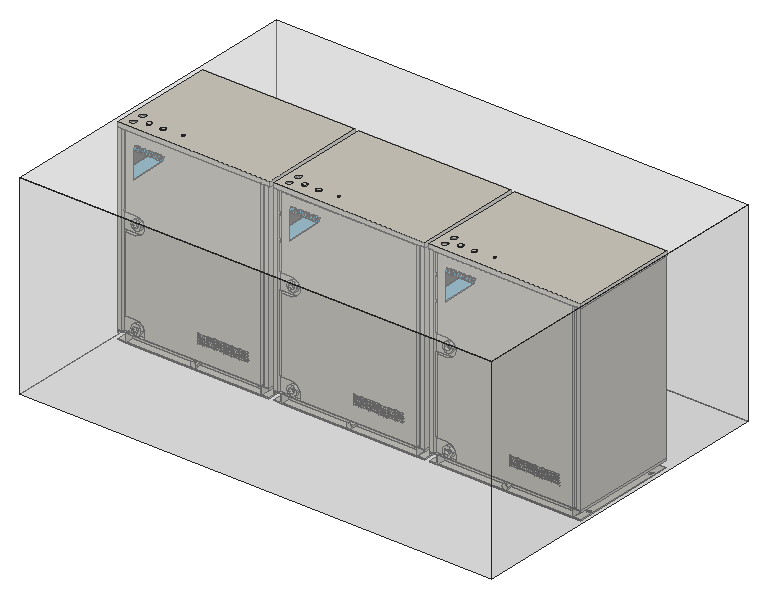
Revit family "outputfile", category 機械設備, Revit 2024
Family settings
  丸型コネクタ寸法 = 半径を使用
  種別 = なし
  パーツ タイプ = 標準
  OmniClass 番号 = 23.75.10.24.21.27.27
  OmniClass タイトル = Split System Air Conditioning Units
  作業面ベース = いいえ
  常に垂直 = はい
  ロード時にボイドで切り取り = いいえ
  注釈の向きを維持 = いいえ
  共有 = いいえ
  部屋計算ポイント = いいえ
Parameters (values of type "RWEYQ30TY14")
  製造元 = "Daikin"
  書き出し IFC クラス(タイプ) = "IfcUnitaryEquipmentType"
  定義済み IFC タイプ(タイプ) = "AIRCONDITIONINGUNIT"
  モデル = "RWEYQ30TY14"
  w_unit3 = 780.0 mm
  w_unit2 = 780.0 mm
  w_unit1 = 780.0 mm
  switch_unit3_6-8 [instance] = if(Reverse_ModuleSequence, if(default_unit1 = 1, 1 = 1, 1 = 0), if(default_unit3 = 1, 1 = 1, 1 = 0))  # no
  switch_unit3_12 [instance] = if(Reverse_ModuleSequence, if(default_unit1 = 3, 1 = 1, 1 = 0), if(default_unit3 = 3, 1 = 1, 1 = 0))  # no
  switch_unit3_10 [instance] = if(Reverse_ModuleSequence, if(default_unit1 = 2, 1 = 1, 1 = 0), if(default_unit3 = 2, 1 = 1, 1 = 0))  # yes
  switch_unit2_6-8 [instance] = if(default_unit2 = 1, 1 = 1, 1 = 0)  # no
  switch_unit2_12 [instance] = if(default_unit2 = 3, 1 = 1, 1 = 0)  # no
  switch_unit2_10 [instance] = if(default_unit2 = 2, 1 = 1, 1 = 0)  # yes
  switch_unit1_6-8 [instance] = if(Reverse_ModuleSequence, if(default_unit3 = 1, 1 = 1, 1 = 0), if(default_unit1 = 1, 1 = 1, 1 = 0))  # no
  switch_unit1_12 [instance] = if(Reverse_ModuleSequence, if(default_unit3 = 3, 1 = 1, 1 = 0), if(default_unit1 = 3, 1 = 1, 1 = 0))  # no
  switch_unit1_10 [instance] = if(Reverse_ModuleSequence, if(default_unit3 = 2, 1 = 1, 1 = 0), if(default_unit1 = 2, 1 = 1, 1 = 0))  # yes
  r_Water Outlet Pipe Connection_unit3 [instance] = Water Outlet Pipe Connection_Unit3 / 2  # 15.9 mm
  r_Water Outlet Pipe Connection_unit2 [instance] = Water Outlet Pipe Connection_Unit2 / 2  # 15.9 mm
  r_Water Outlet Pipe Connection_unit1 [instance] = Water Outlet Pipe Connection_Unit1 / 2  # 15.9 mm
  r_Water Inlet Pipe Connection_unit3 [instance] = Water Inlet Pipe Connection_Unit3 / 2  # 15.9 mm
  r_Water Inlet Pipe Connection_unit2 [instance] = Water Inlet Pipe Connection_Unit2 / 2  # 15.9 mm
  r_Water Inlet Pipe Connection_unit1 [instance] = Water Inlet Pipe Connection_Unit1 / 2  # 15.9 mm
  r_Drain Pipe Size = Drain Pipe Size / 2  # 6.35 mm
  lw_Water Outlet3 = 95.0 mm
  lw_Water Outlet2 = 95.0 mm
  lw_Water Outlet1 = 95.0 mm
  lw_Water Inlet3 = 95.0 mm
  lw_Water Inlet2 = 95.0 mm
  lw_Water Inlet1 = 95.0 mm
  lw_Drain3 = 390.0 mm
  lw_Drain2 = 390.0 mm
  lw_Drain1 = 390.0 mm
  default_Water Outlet Pipe Connection_Unit 3 = 31.8 mm
  default_Water Outlet Pipe Connection_Unit 2 = 31.8 mm
  default_Water Outlet Pipe Connection_Unit 1 = 31.8 mm
  default_Water Inlet Pipe Connection_Unit 3 = 31.8 mm
  default_Water Inlet Pipe Connection_Unit 2 = 31.8 mm
  default_Water Inlet Pipe Connection_Unit 1 = 31.8 mm
  angle_Drain [instance] = if(Rear Connection_Drain, 180.00°, 0.00°)  # 0.00°
  r_Liquid Pipe Size_unit3 [instance] = Liquid Pipe Size_Unit 3 / 2  # 4.75 mm
  r_Liquid Pipe Size_unit2 [instance] = Liquid Pipe Size_Unit 2 / 2  # 4.75 mm
  r_HP/LP Gas Pipe Size_unit3 [instance] = [HP/LP Gas Pipe Size_Unit 3] / 2  # 11.1 mm
  r_HP/LP Gas Pipe Size_unit2 [instance] = [HP/LP Gas Pipe Size_Unit 2] / 2  # 11.1 mm
  r_HP/LP Gas Pipe Size_unit1 [instance] = [HP/LP Gas Pipe Size_Unit 1] / 2  # 11.1 mm
  r_Gas Pipe Size_unit3 [instance] = Gas Pipe Size_Unit 3 / 2  # 11.1 mm
  r_Gas Pipe Size_unit2 [instance] = Gas Pipe Size_Unit 2 / 2  # 11.1 mm
  lw_powersupply3 = 51.0 mm
  lw_powersupply2 = 51.0 mm
  lw_liquidpipe3 = 274.0 mm
  lw_liquidpipe2 = 274.0 mm
  lw_gaspipe3 [instance] = if(Heat Pump, 107.0 mm, 178.0 mm)  # 107.0 mm
  lw_gaspipe2 [instance] = if(Heat Pump, 107.0 mm, 178.0 mm)  # 107.0 mm
  lw_HP/LP Gas Pipe3 [instance] = if(Heat Pump, 178.0 mm, 107.0 mm)  # 178.0 mm
  lw_HP/LP Gas Pipe2 [instance] = if(Heat Pump, 178.0 mm, 107.0 mm)  # 178.0 mm
  lw_HP/LP Gas Pipe1 [instance] = if(Heat Pump, 178.0 mm, 107.0 mm)  # 178.0 mm
  ld_HP/LP Gas Pipe = 69.0 mm
  h_mountinghole = [h_***] + 2.3 mm  # 2.3 mm
  r_Liquid Pipe Size_unit1 [instance] = Liquid Pipe Size_Unit 1 / 2  # 4.75 mm
  r_Gas Pipe Size_unit1 [instance] = Gas Pipe Size_Unit 1 / 2  # 11.1 mm
  distance_unit2-3 [instance] = 20.0 mm
  distance_unit1-2 [instance] = 20.0 mm
  default_unit3 = 2
  default_unit2 = 2
  default_unit1 = 2
  default_Model_Unit 3 = "RWEYQ10TY14"
  default_Model_Unit 2 = "RWEYQ10TY14"
  default_Model_Unit 1 = "RWEYQ10TY14"
  default_Liquid Pipe Size_Unit 3 = 9.5 mm
  default_Liquid Pipe Size_Unit 2 = 9.5 mm
  default_Liquid Pipe Size_Unit 1 = 9.5 mm
  default_HP/LP Gas Pipe Size_Unit 3 [instance] = if(and(Heat Pump, [switch_unit3_6-8]), 19.1 mm, if(and(Heat Pump, switch_unit3_10), 22.2 mm, if(and(Heat Pump, switch_unit3_12), 22.2 mm, if(and(Heat Recovery, [switch_unit3_6-8]), 15.9 mm, if(and(Heat Recovery, switch_unit3_10), 19.1 mm, if(and(Heat Recovery, switch_unit3_12), 19.1 mm, 19.1 mm))))))  # 22.2 mm
  default_HP/LP Gas Pipe Size_Unit 2 [instance] = if(and(Heat Pump, [switch_unit2_6-8]), 19.1 mm, if(and(Heat Pump, switch_unit2_10), 22.2 mm, if(and(Heat Pump, switch_unit2_12), 22.2 mm, if(and(Heat Recovery, [switch_unit2_6-8]), 15.9 mm, if(and(Heat Recovery, switch_unit2_10), 19.1 mm, if(and(Heat Recovery, switch_unit2_12), 19.1 mm, 19.1 mm))))))  # 22.2 mm
  default_HP/LP Gas Pipe Size_Unit 1 [instance] = if(and(Heat Pump, [switch_unit1_6-8]), 19.1 mm, if(and(Heat Pump, switch_unit1_10), 22.2 mm, if(and(Heat Pump, switch_unit1_12), 22.2 mm, if(and(Heat Recovery, [switch_unit1_6-8]), 15.9 mm, if(and(Heat Recovery, switch_unit1_10), 19.1 mm, if(and(Heat Recovery, switch_unit1_12), 19.1 mm, 19.1 mm))))))  # 22.2 mm
  default_Gas Pipe Size_Unit 3 = 22.2 mm
  default_Gas Pipe Size_Unit 2 = 22.2 mm
  default_Gas Pipe Size_Unit 1 = 22.2 mm
  Water Outlet Pipe Connection_Unit3 [instance] = if(Reverse_ModuleSequence, default_Water Outlet Pipe Connection_Unit 1, default_Water Outlet Pipe Connection_Unit 3)  # 31.8 mm
  Water Outlet Pipe Connection_Unit2 [instance] = if(Reverse_ModuleSequence, default_Water Inlet Pipe Connection_Unit 2, default_Water Inlet Pipe Connection_Unit 2)  # 31.8 mm
  Water Outlet Pipe Connection_Unit1 [instance] = if(Reverse_ModuleSequence, default_Water Outlet Pipe Connection_Unit 3, default_Water Outlet Pipe Connection_Unit 1)  # 31.8 mm
  Water Inlet Pipe Connection_Unit3 [instance] = if(Reverse_ModuleSequence, default_Water Inlet Pipe Connection_Unit 1, default_Water Inlet Pipe Connection_Unit 3)  # 31.8 mm
  Water Inlet Pipe Connection_Unit2 [instance] = if(Reverse_ModuleSequence, default_Water Outlet Pipe Connection_Unit 2, default_Water Outlet Pipe Connection_Unit 2)  # 31.8 mm
  Water Inlet Pipe Connection_Unit1 [instance] = if(Reverse_ModuleSequence, default_Water Inlet Pipe Connection_Unit 3, default_Water Inlet Pipe Connection_Unit 1)  # 31.8 mm
  Voltage_comment_50Hz = "380-415"
  Voltage_50Hz = 400 V
  Top Connection_powersupply2 [instance] = not(Top Connection_powersupply1)  # no
  Sound Power Level (dB) = 76
  Reverse_ModuleSequence [instance] = no
  Rear Connection_Drain [instance] = not(Front Connection_Drain)  # no
  Power Input (Heating) = 16.800 kW
  Phase_50Hz = 3
  Nominal Heating Capacity = 94.500 kW
  Model_Unit 3 [instance] = if(Reverse_ModuleSequence, default_Model_Unit 1, default_Model_Unit 3)  # "RWEYQ10TY14"
  Model_Unit 2 [instance] = if(Reverse_ModuleSequence, default_Model_Unit 2, default_Model_Unit 2)  # "RWEYQ10TY14"
  Model_Unit 1 [instance] = if(Reverse_ModuleSequence, default_Model_Unit 3, default_Model_Unit 1)  # "RWEYQ10TY14"
  Minimum Circuit Amps_50Hz = 40.9 A
  Maximum Fuse Amps_50Hz = 45.0 A
  Material_Heat Exchanger = DAIKIN_Blue_HE_outdoorunit
  Material_Casing = DAIKIN_IvoryWhite_Casing_outdoorunit
  lw_powersupply1 = 51.0 mm
  lw_liquidpipe1 = 274.0 mm
  lw_gaspipe1 [instance] = if(Heat Pump, 107.0 mm, 178.0 mm)  # 107.0 mm
  lh_powersupply = 940.0 mm
  ld_powersupply [instance] = if(Top Connection_powersupply1, 38.0 mm, 98.0 mm)  # 38.0 mm
  ld_liquidpipe = 79.0 mm
  ld_gaspipe = 69.0 mm
  h_*** = 0.0 mm
  Width [instance] = [distance_unit1-2] + [distance_unit2-3] + w_unit1 + w_unit2 + w_unit3  # 2380.0 mm
  Version = "ver.1.0"
  Unit Type = ""
  Unit Mass Weight = 441.00 kg
  Unit Designation [instance] = ""
  Uniclass2015Version = "Products v1.30"
  Uniclass2015Title = "Variable refrigerant flow units"
  Uniclass2015Code = "Pr_70_65_03_94"
  Total Cooling Capacity [instance] = 0.000 kW
  Sound Pressure Level (dBA) = 56
  Series = "VRV Heat Recovery"
  Refrigerant_Base Charge = 12.600 kg
  Refrigerant_Additional Charge [instance] = 0.000 kg
  Refrigerant Type = "R410A"
  Power Input (Cooling) = 16.300 kW
  Option Accessory 3 [instance] = ""
  Option Accessory 2 [instance] = ""
  Option Accessory 1 [instance] = ""
  Nominal Cooling Capacity = 84.000 kW
  Load Classification = HVAC
  Liquid Pipe Size_Unit 3 [instance] = if(Reverse_ModuleSequence, default_Liquid Pipe Size_Unit 1, default_Liquid Pipe Size_Unit 3)  # 9.5 mm
  Liquid Pipe Size_Unit 2 [instance] = if(Reverse_ModuleSequence, default_Liquid Pipe Size_Unit 2, default_Liquid Pipe Size_Unit 2)  # 9.5 mm
  Liquid Pipe Size_Unit 1 [instance] = if(Reverse_ModuleSequence, default_Liquid Pipe Size_Unit 3, default_Liquid Pipe Size_Unit 1)  # 9.5 mm
  Link_Nested Family [instance] = ""
  Intermediate Liquid Pipe Size_Unit1-2 = 15.9 mm
  Intermediate HP/LP Gas Pipe Size_Unit1-2 = 22.2 mm
  Intermediate Gas Pipe Size_Unit1-2 = 28.6 mm
  IfcVersion = ""
  IfcExportType = "AIRCONDITIONINGUNIT"
  IfcExportAs = "IfcUnitaryEquipmentType"
  Height = 1000.0 mm
  Heat Recovery [instance] = not(Heat Pump)  # no
  Heat Pump [instance] = yes
  Heat Exchanger Type = "Stainless Steel Plate"
  HP/LP Gas Pipe Size_Unit 3 [instance] = [default_HP/LP Gas Pipe Size_Unit 3]  # 22.2 mm
  HP/LP Gas Pipe Size_Unit 2 [instance] = [default_HP/LP Gas Pipe Size_Unit 2]  # 22.2 mm
  HP/LP Gas Pipe Size_Unit 1 [instance] = [default_HP/LP Gas Pipe Size_Unit 1]  # 22.2 mm
  Gas Pipe Size_Unit 3 [instance] = if(Reverse_ModuleSequence, default_Gas Pipe Size_Unit 1, default_Gas Pipe Size_Unit 3)  # 22.2 mm
  Gas Pipe Size_Unit 2 [instance] = if(Reverse_ModuleSequence, default_Gas Pipe Size_Unit 2, default_Gas Pipe Size_Unit 2)  # 22.2 mm
  Gas Pipe Size_Unit 1 [instance] = if(Reverse_ModuleSequence, default_Gas Pipe Size_Unit 3, default_Gas Pipe Size_Unit 1)  # 22.2 mm
  Top Connection_powersupply1 [instance] = yes
  Front Connection_Drain [instance] = yes
  Frequency_50Hz = 50 Hz
  Drain Pipe Size = 12.7 mm
  Depth = 550.0 mm
  既定の高さ = 0.0 mm
  Cooling Ambient Wet Bulb Temperature [instance] = 0.00 °C
  Cooling Ambient Dry Bulb Temperature [instance] = 0.00 °C
  Compressor Type = "Hermetically Sealed Scroll Type"
  Clearance visibility [instance] = yes
  Clearance Top = 0.0 mm
  Clearance Right = 20.0 mm
  Clearance Rear = 500.0 mm
  Clearance Left = 20.0 mm
  Clearance Front = 600.0 mm
  Clearance Bottom = 0.0 mm
  CU Tag No. [instance] = ""
Reference planes
  plane 1 "Center (Front/Back)": y = 0
  plane 2 "h_***": z = 0
  plane 3 "Center (Left/Right)": x = 0
  plane 4 "Back": y = 275
  plane 5 "Front": y = -275
  plane 6 "Left": x = -390
  plane 7 "w_unit1": x = 390
  plane 8 "Top": z = 1000
  plane 9 "Clearance Rear": y = 775
  plane 10 "Clearance Front": y = -875
  plane 11 "Clearance Left": x = -410
  plane 12 "Clearance Right": x = 2010
  plane 13 "Clearance Top": z = 1000
  plane 14 "Clearance Bottom": z = 0
  plane 15 "Bottom": z = 0
  plane 16 "lw_powersupply1": x = -339
  plane 17 "ld_powersupply": y = -237
  plane 18 "lw_liquidpipe1": x = -116
  plane 19 "Rear Connection_refrigetant": y = -196
  plane 20 "lw_gaspipe1": x = -283
  plane 21 "ld_gaspipe": y = -206
  plane 22 "lh_logo": z = 900
  plane 23 "lw_logo": x = 100
  plane 24 "lh_powersupply": z = 940
  plane 25 "lw_HP/LP Gas Pipe1": x = -212
  plane 26 "ld_HP/LP Gas Pipe": y = -206
  plane 27 "l_unit2": x = 410
  plane 28 "w_unit2": x = 1190
  plane 29 "lw_powersupply2": x = 461
  plane 30 "lw_liquidpipe2": x = 684
  plane 31 "lw_gaspipe2": x = 517
  plane 32 "lw_HP/LP Gas Pipe2": x = 588
  plane 33 "Right": x = 1990
  plane 34 "叴": x = 1210
  plane 35 "叵": x = 1261
  plane 36 "叶": x = 1484
  plane 37 "号": x = 1317
  plane 38 "司": x = 1388
  plane 39 "lw_Water Inlet2": x = 505
  plane 40 "lw_Water Inlet3": x = 1305
  plane 41 "lw_Water Outlet1": x = -295
  plane 42 "lw_Water Outlet2": x = 505
  plane 43 "lw_Water Outlet3": x = 1305
  plane 44 "lw_Drain1": x = 0
  plane 45 "lw_Drain2": x = 800
  plane 46 "lw_Drain3": x = 1600
  plane 47 "lw_Water Inlet1": x = -295
Dimensions and locks
  equal spacing: plane 4 "Back", plane 1 "Center (Front/Back)", plane 5 "Front"
  "Depth": plane 4 "Back" to plane 5 "Front"
  equal spacing: plane 6 "Left", plane 3 "Center (Left/Right)", plane 7 "w_unit1"
  "w_unit1": plane 6 "Left" to plane 7 "w_unit1"
  "Clearance Rear": plane 9 "Clearance Rear" to plane 4 "Back"
  "Clearance Front": plane 10 "Clearance Front" to plane 5 "Front"
  "Clearance Left": plane 11 "Clearance Left" to plane 6 "Left"
  "Clearance Top": plane 13 "Clearance Top" to plane 8 "Top"
  "h_***": plane 15 "Bottom" to plane 2 "h_***"
  "Height": plane 8 "Top" to plane 15 "Bottom"
  "Clearance Bottom": plane 15 "Bottom" to plane 14 "Clearance Bottom"
  "ld_powersupply": plane 17 "ld_powersupply" to plane 5 "Front"
  "ld_liquidpipe": plane 19 "Rear Connection_refrigetant" to plane 5 "Front"
  "ld_gaspipe": plane 21 "ld_gaspipe" to plane 5 "Front"
  locked: plane 23 "lw_logo" to plane 7 "w_unit1" at 290
  locked: plane 22 "lh_logo" to plane 15 "Bottom" at 900
  "lw_gaspipe1": plane 6 "Left" to plane 20 "lw_gaspipe1"
  "lw_liquidpipe1": plane 6 "Left" to plane 18 "lw_liquidpipe1"
  "lw_powersupply1": plane 6 "Left" to plane 16 "lw_powersupply1"
  "lh_powersupply": plane 24 "lh_powersupply" to plane 15 "Bottom"
  "lw_HP/LP Gas Pipe1": plane 6 "Left" to plane 25 "lw_HP/LP Gas Pipe1"
  "ld_HP/LP Gas Pipe": plane 26 "ld_HP/LP Gas Pipe" to plane 5 "Front"
  "distance_unit1-2": plane 7 "w_unit1" to plane 27 "l_unit2"
  "lw_powersupply2": plane 27 "l_unit2" to plane 29 "lw_powersupply2"
  "lw_HP/LP Gas Pipe2": plane 27 "l_unit2" to plane 32 "lw_HP/LP Gas Pipe2"
  "lw_gaspipe2": plane 27 "l_unit2" to plane 31 "lw_gaspipe2"
  "lw_liquidpipe2": plane 27 "l_unit2" to plane 30 "lw_liquidpipe2"
  "w_unit2": plane 27 "l_unit2" to plane 28 "w_unit2"
  "distance_unit2-3": plane 28 "w_unit2" to plane 34 "叴"
  "Width": plane 6 "Left" to plane 33 "Right"
  "Clearance Right": plane 33 "Right" to plane 12 "Clearance Right"
  "lw_powersupply3": plane 34 "叴" to plane 35 "叵"
  "lw_HP/LP Gas Pipe3": plane 34 "叴" to plane 38 "司"
  "lw_gaspipe3": plane 34 "叴" to plane 37 "号"
  "lw_liquidpipe3": plane 34 "叴" to plane 36 "叶"
  "lw_Water Inlet1": plane 6 "Left" to plane 47 "lw_Water Inlet1"
  "lw_Water Inlet2": plane 27 "l_unit2" to plane 39 "lw_Water Inlet2"
  "lw_Water Inlet3": plane 34 "叴" to plane 40 "lw_Water Inlet3"
  "lw_Water Outlet1": plane 6 "Left" to plane 41 "lw_Water Outlet1"
  "lw_Water Outlet2": plane 27 "l_unit2" to plane 42 "lw_Water Outlet2"
  "lw_Water Outlet3": plane 34 "叴" to plane 43 "lw_Water Outlet3"
  "lw_Drain1": plane 6 "Left" to plane 44 "lw_Drain1"
  "lw_Drain2": plane 27 "l_unit2" to plane 45 "lw_Drain2"
  "lw_Drain3": plane 34 "叴" to plane 46 "lw_Drain3"
  aligned and locked: level to plane 2 "h_***"
  aligned and locked: nested 2 to plane 9 "Clearance Rear"
  aligned and locked: nested 2 to plane 10 "Clearance Front"
  aligned and locked: plane 11 "Clearance Left" to nested 2
  aligned and locked: plane 12 "Clearance Right" to nested 2
  aligned and locked: nested 2 to plane 13 "Clearance Top"
  aligned and locked: nested 2 to plane 14 "Clearance Bottom"
  aligned and locked: plane 8 "Top" to nested 1
  aligned and locked: plane 22 "lh_logo" to nested 7
  aligned and locked: nested 8 to plane 16 "lw_powersupply1"
  aligned and locked: nested 9 to plane 20 "lw_gaspipe1"
  aligned and locked: nested 10 to plane 18 "lw_liquidpipe1"
  aligned and locked: nested 10 to plane 19 "Rear Connection_refrigetant"
  aligned and locked: nested 9 to plane 21 "ld_gaspipe"
  aligned and locked: nested 8 to plane 17 "ld_powersupply"
  aligned and locked: plane 5 "Front" to nested 7
  aligned and locked: plane 24 "lh_powersupply" to nested 8
  aligned and locked: plane 27 "l_unit2" to nested 11
  aligned and locked: nested 17 to plane 29 "lw_powersupply2"
  aligned and locked: nested 17 to plane 17 "ld_powersupply"
  aligned and locked: nested 18 to plane 31 "lw_gaspipe2"
  aligned and locked: nested 18 to plane 26 "ld_HP/LP Gas Pipe"
  aligned and locked: plane 1 "Center (Front/Back)" to nested 20
  aligned and locked: plane 34 "叴" to nested 20
  aligned and locked: nested 27 to plane 35 "叵"
  aligned and locked: nested 28 to plane 37 "号"
  aligned and locked: nested 26 to plane 36 "叶"
  aligned and locked: plane 17 "ld_powersupply" to nested 27
  aligned and locked: plane 21 "ld_gaspipe" to nested 28
  aligned and locked: plane 19 "Rear Connection_refrigetant" to nested 26
  aligned and locked: nested 27 to plane 24 "lh_powersupply"
  aligned and locked: plane 1 "Center (Front/Back)" to nested 29
  aligned and locked: plane 1 "Center (Front/Back)" to nested 30
  aligned and locked: plane 1 "Center (Front/Back)" to nested 31
  aligned and locked: plane 1 "Center (Front/Back)" to nested 32
  aligned and locked: plane 1 "Center (Front/Back)" to nested 33
  aligned and locked: plane 1 "Center (Front/Back)" to nested 34
  aligned and locked: plane 1 "Center (Front/Back)" to nested 35
  aligned and locked: plane 1 "Center (Front/Back)" to nested 36
  aligned and locked: plane 1 "Center (Front/Back)" to nested 37
  aligned and locked: plane 47 "lw_Water Inlet1" to nested 29
  aligned and locked: plane 39 "lw_Water Inlet2" to nested 30
  aligned and locked: plane 40 "lw_Water Inlet3" to nested 31
  aligned and locked: plane 41 "lw_Water Outlet1" to nested 32
  aligned and locked: plane 42 "lw_Water Outlet2" to nested 33
  aligned and locked: plane 43 "lw_Water Outlet3" to nested 34
  aligned and locked: plane 44 "lw_Drain1" to nested 35
  aligned and locked: plane 45 "lw_Drain2" to nested 36
  aligned and locked: plane 46 "lw_Drain3" to nested 37
  aligned and locked: plane 25 "lw_HP/LP Gas Pipe1" to nested 38
  aligned and locked: plane 32 "lw_HP/LP Gas Pipe2" to nested 39
  aligned and locked: plane 38 "司" to nested 40
  aligned and locked: nested 38 to plane 26 "ld_HP/LP Gas Pipe"
  aligned and locked: nested 39 to plane 26 "ld_HP/LP Gas Pipe"
  aligned and locked: plane 26 "ld_HP/LP Gas Pipe" to nested 40
Nested families
  nested 1: "DAIKIN_outdoorunit_RWEYQ-TY14" at (-31, 0, 0), h_*** <- "h_***", Link_Nest <- "Link_Nested Family", h_mountinghole <- "h_mountinghole", Width <- "w_unit1", switch_unit1_6-8 <- "switch_unit1_6-8", switch_unit1_10 <- "switch_unit1_10", switch_unit1_12 <- "switch_unit1_12", type "RWEYQ-TY14"
    with switch_unit1_6-8 no, switch_unit1_12 no, switch_unit1_10 yes, show_fixedhole yes, h_mountinghole 2.3 mm, h_antenna_mountinghole 998.7 mm, h_*** 0.0 mm, array_bolt 5, Width 780.0 mm, Liquid Pipe Size_Unit 1 9.5 mm, Link_Nest "", HP/LP Pipe Size_Unit 1 22.2 mm, Gas Pipe Size_Unit 1 22.2 mm
  nested 2: "daikin_clearancespace" at (800, -50, 500.119), visible <- "Clearance visibility", show <- "Clearance visibility", Link_Nested Family <- "Link_Nested Family", type "daikin_clearancespace"
    with width 2420.0 mm, show yes, height 1000.0 mm, depth 1650.0 mm, Link_Nested Family ""
  nested 3: "daikin_mountinghole" at (-372, 200, 0), type "daikin_mountinghole"
    with show yes, l_antenna 998.7 mm, h_mountinghole 2.3 mm, Link_Nested Family ""
  nested 4: "daikin_mountinghole" at (372, 200, 0), type "daikin_mountinghole"
    with show yes, l_antenna 998.7 mm, h_mountinghole 2.3 mm, Link_Nested Family ""
  nested 5: "daikin_mountinghole" at (-372, -200, 0), type "daikin_mountinghole"
    with show yes, l_antenna 998.7 mm, h_mountinghole 2.3 mm, Link_Nested Family ""
  nested 6: "daikin_mountinghole" at (372, -200, 0), type "daikin_mountinghole"
    with show yes, l_antenna 998.7 mm, h_mountinghole 2.3 mm, Link_Nested Family ""
  nested 7: "daikin_logo_elevation_w150" at (-212.5, -275, 744.568), type "daikin_logo_elevation_w150"
    with show_logo yes
  nested 8: "daikin_connector_rotate3" at (-339, -237, 940) x (-1, 0, 0) z (0, 0, -1), type "daikin_connector_rotate3"
    with show no, radius 10.0 mm, length 60.0 mm, angle_vertical 0.00°, angle_horizontal 0.00°
  nested 9: "daikin_connector_rotate3" at (-283, -206, 940) x (-1, 0, 0) z (0, 0, -1), radius <- "r_Gas Pipe Size_unit1", type "daikin_connector_rotate3"
    with show no, radius 11.1 mm, length 60.0 mm, angle_vertical 0.00°, angle_horizontal 0.00°
  nested 10: "daikin_connector_rotate3" at (-116, -196, 940) x (-1, 0, 0) z (0, 0, -1), radius <- "r_Liquid Pipe Size_unit1", type "daikin_connector_rotate3"
    with show no, radius 4.75 mm, length 60.0 mm, angle_vertical 0.00°, angle_horizontal 0.00°
  nested 11: "DAIKIN_outdoorunit_RWEYQ-TY14" at (769, 0, 0), Width <- "w_unit2", switch_unit1_6-8 <- "switch_unit2_6-8", switch_unit1_10 <- "switch_unit2_10", switch_unit1_12 <- "switch_unit2_12", type "RWEYQ-TY14"
    with switch_unit1_6-8 no, switch_unit1_12 no, switch_unit1_10 yes, show_fixedhole yes, h_mountinghole 2.3 mm, h_antenna_mountinghole 998.7 mm, h_*** 0.0 mm, array_bolt 5, Width 780.0 mm, Liquid Pipe Size_Unit 1 9.5 mm, Link_Nest "", HP/LP Pipe Size_Unit 1 22.2 mm, Gas Pipe Size_Unit 1 22.2 mm
  nested 12: "daikin_mountinghole" at (428, 200, 0), type "daikin_mountinghole"
    with show yes, l_antenna 998.7 mm, h_mountinghole 2.3 mm, Link_Nested Family ""
  nested 13: "daikin_mountinghole" at (1172, 200, 0), type "daikin_mountinghole"
    with show yes, l_antenna 998.7 mm, h_mountinghole 2.3 mm, Link_Nested Family ""
  nested 14: "daikin_mountinghole" at (428, -200, 0), type "daikin_mountinghole"
    with show yes, l_antenna 998.7 mm, h_mountinghole 2.3 mm, Link_Nested Family ""
  nested 15: "daikin_mountinghole" at (1172, -200, 0), type "daikin_mountinghole"
    with show yes, l_antenna 998.7 mm, h_mountinghole 2.3 mm, Link_Nested Family ""
  nested 16: "daikin_connector_rotate3" at (684, -196, 940) x (-1, 0, 0) z (0, 0, -1), radius <- "r_Liquid Pipe Size_unit2", type "daikin_connector_rotate3"
    with show no, radius 4.75 mm, length 60.0 mm, angle_vertical 0.00°, angle_horizontal 0.00°
  nested 17: "daikin_connector_rotate3" at (461, -237, 940) x (-1, 0, 0) z (0, 0, -1), type "daikin_connector_rotate3"
    with show no, radius 10.0 mm, length 60.0 mm, angle_vertical 0.00°, angle_horizontal 0.00°
  nested 18: "daikin_connector_rotate3" at (517, -206, 940) x (-1, 0, 0) z (0, 0, -1), radius <- "r_Gas Pipe Size_unit2", type "daikin_connector_rotate3"
    with show no, radius 11.1 mm, length 60.0 mm, angle_vertical 0.00°, angle_horizontal 0.00°
  nested 19: "daikin_logo_elevation_w150" at (587.5, -275, 744.568), type "daikin_logo_elevation_w150"
    with show_logo yes
  nested 20: "DAIKIN_outdoorunit_RWEYQ-TY14" at (1569, 0, 0), switch_unit1_6-8 <- "switch_unit3_6-8", switch_unit1_10 <- "switch_unit3_10", switch_unit1_12 <- "switch_unit3_12", Width <- "w_unit3", type "RWEYQ-TY14"
    with switch_unit1_6-8 no, switch_unit1_12 no, switch_unit1_10 yes, show_fixedhole yes, h_mountinghole 2.3 mm, h_antenna_mountinghole 998.7 mm, h_*** 0.0 mm, array_bolt 5, Width 780.0 mm, Liquid Pipe Size_Unit 1 9.5 mm, Link_Nest "", HP/LP Pipe Size_Unit 1 22.2 mm, Gas Pipe Size_Unit 1 22.2 mm
  nested 21: "daikin_mountinghole" at (1228, 200, 0), type "daikin_mountinghole"
    with show yes, l_antenna 998.7 mm, h_mountinghole 2.3 mm, Link_Nested Family ""
  nested 22: "daikin_mountinghole" at (1972, 200, 0), type "daikin_mountinghole"
    with show yes, l_antenna 998.7 mm, h_mountinghole 2.3 mm, Link_Nested Family ""
  nested 23: "daikin_mountinghole" at (1228, -200, 0), type "daikin_mountinghole"
    with show yes, l_antenna 998.7 mm, h_mountinghole 2.3 mm, Link_Nested Family ""
  nested 24: "daikin_mountinghole" at (1972, -200, 0), type "daikin_mountinghole"
    with show yes, l_antenna 998.7 mm, h_mountinghole 2.3 mm, Link_Nested Family ""
  nested 25: "daikin_logo_elevation_w150" at (1387.5, -275, 744.568), type "daikin_logo_elevation_w150"
    with show_logo yes
  nested 26: "daikin_connector_rotate3" at (1484, -196, 940) x (-1, 0, 0) z (0, 0, -1), radius <- "r_Liquid Pipe Size_unit3", type "daikin_connector_rotate3"
    with show no, radius 4.75 mm, length 60.0 mm, angle_vertical 0.00°, angle_horizontal 0.00°
  nested 27: "daikin_connector_rotate3" at (1261, -237, 940) x (-1, 0, 0) z (0, 0, -1), type "daikin_connector_rotate3"
    with show no, radius 10.0 mm, length 60.0 mm, angle_vertical 0.00°, angle_horizontal 0.00°
  nested 28: "daikin_connector_rotate3" at (1317, -206, 940) x (-1, 0, 0) z (0, 0, -1), radius <- "r_Gas Pipe Size_unit3", type "daikin_connector_rotate3"
    with show no, radius 11.1 mm, length 60.0 mm, angle_vertical 0.00°, angle_horizontal 0.00°
  nested 29: "daikin_connector_rotate3" at (-295, 0, 76), radius <- "r_Water Inlet Pipe Connection_unit1", type "daikin_connector_rotate3"
    with show no, radius 15.9 mm, length 275.0 mm, angle_vertical 90.00°, angle_horizontal 0.00°
  nested 30: "daikin_connector_rotate3" at (505, 0, 76), radius <- "r_Water Inlet Pipe Connection_unit2", type "daikin_connector_rotate3"
    with show no, radius 15.9 mm, length 275.0 mm, angle_vertical 90.00°, angle_horizontal 0.00°
  nested 31: "daikin_connector_rotate3" at (1305, 0, 76), radius <- "r_Water Inlet Pipe Connection_unit3", type "daikin_connector_rotate3"
    with show no, radius 15.9 mm, length 275.0 mm, angle_vertical 90.00°, angle_horizontal 0.00°
  nested 32: "daikin_connector_rotate3" at (-295, 0, 556), radius <- "r_Water Outlet Pipe Connection_unit1", type "daikin_connector_rotate3"
    with show no, radius 15.9 mm, length 275.0 mm, angle_vertical 90.00°, angle_horizontal 0.00°
  nested 33: "daikin_connector_rotate3" at (505, 0, 556), radius <- "r_Water Outlet Pipe Connection_unit2", type "daikin_connector_rotate3"
    with show no, radius 15.9 mm, length 275.0 mm, angle_vertical 90.00°, angle_horizontal 0.00°
  nested 34: "daikin_connector_rotate3" at (1305, 0, 556), radius <- "r_Water Outlet Pipe Connection_unit3", type "daikin_connector_rotate3"
    with show no, radius 15.9 mm, length 275.0 mm, angle_vertical 90.00°, angle_horizontal 0.00°
  nested 35: "daikin_connector_rotate3" at (0, 0, 19), radius <- "r_Drain Pipe Size", angle_horizontal <- "angle_Drain", type "daikin_connector_rotate3"
    with show no, radius 6.35 mm, length 275.0 mm, angle_vertical 90.00°, angle_horizontal 0.00°
  nested 36: "daikin_connector_rotate3" at (800, 0, 19), angle_horizontal <- "angle_Drain", radius <- "r_Drain Pipe Size", type "daikin_connector_rotate3"
    with show no, radius 6.35 mm, length 275.0 mm, angle_vertical 90.00°, angle_horizontal 0.00°
  nested 37: "daikin_connector_rotate3" at (1600, 0, 19), angle_horizontal <- "angle_Drain", radius <- "r_Drain Pipe Size", type "daikin_connector_rotate3"
    with show no, radius 6.35 mm, length 275.0 mm, angle_vertical 90.00°, angle_horizontal 0.00°
  nested 38: "daikin_connector_rotate3" at (-212, -206, 940) x (1, 0, 0) z (0, 0, -1), radius <- "r_HP/LP Gas Pipe Size_unit1", type "daikin_connector_rotate3"
    with show no, radius 11.1 mm, length 60.0 mm, angle_vertical 0.00°, angle_horizontal 0.00°
  nested 39: "daikin_connector_rotate3" at (588, -206, 940) x (1, 0, 0) z (0, 0, -1), radius <- "r_HP/LP Gas Pipe Size_unit2", type "daikin_connector_rotate3"
    with show no, radius 11.1 mm, length 60.0 mm, angle_vertical 0.00°, angle_horizontal 0.00°
  nested 40: "daikin_connector_rotate3" at (1388, -206, 940) x (1, 0, 0) z (0, 0, -1), radius <- "r_HP/LP Gas Pipe Size_unit3", type "daikin_connector_rotate3"
    with show no, radius 11.1 mm, length 60.0 mm, angle_vertical 0.00°, angle_horizontal 0.00°
Connectors
  piping at (-116, -196, 1000), diameter 9.5, driven by "r_Liquid Pipe Size_unit1"
    settings: on nested 10, index 12, connector inside diameter 609.6 mm, connector length 0.0 mm, flow factor 0, pipe flow 0.00 m³/h, pressure drop 0.0 Pa, fitting loss kfactor 0, connector angle 0.00°, fixture units 0, engagement length 0.0 mm, angle of deflection 0.00°, flow configuration 0, flow direction 2, fitting loss method 0, system type 29, joint type 0, gender type 0, connector reference index -1, connector utility 0, adjustable connector no, is connector primary no, connector description "Refrigerant Liquid Piping1"
  electrical at (-339, -237, 1000), driven by "Load Classification"
    settings: on nested 8, index 13, voltage 0 V, apparent load 0 VA, apparent load phase1 0 VA, apparent load phase2 0 VA, apparent load phase3 0 VA, power factor 1, load classification "HVAC", number of poles 1, system type 30, power factor state 1, is connector primary yes, connector utility no, sub classification motor no, connector description "Power Supply1"
  piping at (684, -196, 1000), diameter 9.5, driven by "r_Liquid Pipe Size_unit2"
    settings: on nested 16, index 15, connector inside diameter 609.6 mm, connector length 0.0 mm, flow factor 0, pipe flow 0.00 m³/h, pressure drop 0.0 Pa, fitting loss kfactor 0, connector angle 0.00°, fixture units 0, engagement length 0.0 mm, angle of deflection 0.00°, flow configuration 0, flow direction 2, fitting loss method 0, system type 29, joint type 0, gender type 0, connector reference index -1, connector utility 0, adjustable connector no, is connector primary no, connector description "Refrigerant Liquid Piping2"
  electrical at (461, -237, 1000), driven by "Load Classification"
    settings: on nested 17, index 17, voltage 0 V, apparent load 0 VA, apparent load phase1 0 VA, apparent load phase2 0 VA, apparent load phase3 0 VA, power factor 1, load classification "HVAC", number of poles 1, system type 30, power factor state 1, is connector primary no, connector utility no, sub classification motor no, connector description "Power Supply2"
  piping at (1484, -196, 1000), diameter 9.5, driven by "r_Liquid Pipe Size_unit3"
    settings: on nested 26, index 19, connector inside diameter 609.6 mm, connector length 0.0 mm, flow factor 0, pipe flow 0.00 m³/h, pressure drop 0.0 Pa, fitting loss kfactor 0, connector angle 0.00°, fixture units 0, engagement length 0.0 mm, angle of deflection 0.00°, flow configuration 0, flow direction 2, fitting loss method 0, system type 29, joint type 0, gender type 0, connector reference index -1, connector utility 0, adjustable connector no, is connector primary no, connector description "Refrigerant Liquid Piping3"
  electrical at (1261, -237, 1000), driven by "Load Classification"
    settings: on nested 27, index 21, voltage 0 V, apparent load 0 VA, apparent load phase1 0 VA, apparent load phase2 0 VA, apparent load phase3 0 VA, power factor 1, load classification "HVAC", number of poles 1, system type 30, power factor state 1, is connector primary no, connector utility no, sub classification motor no, connector description "Power Supply3"
  piping at (-295, -275, 556), diameter 31.8, driven by "r_Water Outlet Pipe Connection_unit1"
    settings: on nested 32, index 24, connector inside diameter 609.6 mm, connector length 0.0 mm, flow factor 0, pipe flow 0.00 m³/h, pressure drop 0.0 Pa, fitting loss kfactor 0, connector angle 0.00°, fixture units 0, engagement length 0.0 mm, angle of deflection 0.00°, flow configuration 1, flow direction 2, fitting loss method 0, system type 8, joint type 0, gender type 0, connector reference index -1, connector utility 0, adjustable connector no, is connector primary no, connector description "Cooling Water Outlet Piping 1"
  piping at (-295, -275, 76), diameter 31.8, driven by "r_Water Inlet Pipe Connection_unit1"
    settings: on nested 29, index 25, connector inside diameter 609.6 mm, connector length 0.0 mm, flow factor 0, pipe flow 0.00 m³/h, pressure drop 0.0 Pa, fitting loss kfactor 0, connector angle 0.00°, fixture units 0, engagement length 0.0 mm, angle of deflection 0.00°, flow configuration 1, flow direction 1, fitting loss method 0, system type 7, joint type 0, gender type 0, connector reference index -1, connector utility 0, adjustable connector no, is connector primary no, connector description "Cooling Water Inlet  Piping 1"
  piping at (0, -275, 19), diameter 12.7, driven by "r_Drain Pipe Size"
    settings: on nested 35, index 26, connector inside diameter 609.6 mm, connector length 0.0 mm, flow factor 0, pipe flow 0.00 m³/h, pressure drop 0.0 Pa, fitting loss kfactor 0, connector angle 0.00°, fixture units 0, engagement length 0.0 mm, angle of deflection 0.00°, flow configuration 1, flow direction 2, fitting loss method 4, system type 16, joint type 0, gender type 0, connector reference index -1, connector utility 0, adjustable connector no, is connector primary no, connector description "Condensate Drain Piping 1"
  piping at (505, -275, 556), diameter 31.8, driven by "r_Water Outlet Pipe Connection_unit2"
    settings: on nested 33, index 27, connector inside diameter 609.6 mm, connector length 0.0 mm, flow factor 0, pipe flow 0.00 m³/h, pressure drop 0.0 Pa, fitting loss kfactor 0, connector angle 0.00°, fixture units 0, engagement length 0.0 mm, angle of deflection 0.00°, flow configuration 1, flow direction 2, fitting loss method 0, system type 8, joint type 0, gender type 0, connector reference index -1, connector utility 0, adjustable connector no, is connector primary no, connector description "Cooling Water Outlet Piping 2"
  piping at (505, -275, 76), diameter 31.8, driven by "r_Water Inlet Pipe Connection_unit2"
    settings: on nested 30, index 28, connector inside diameter 609.6 mm, connector length 0.0 mm, flow factor 0, pipe flow 0.00 m³/h, pressure drop 0.0 Pa, fitting loss kfactor 0, connector angle 0.00°, fixture units 0, engagement length 0.0 mm, angle of deflection 0.00°, flow configuration 1, flow direction 1, fitting loss method 0, system type 7, joint type 0, gender type 0, connector reference index -1, connector utility 0, adjustable connector no, is connector primary no, connector description "Cooling Water Inlet  Piping 2"
  piping at (800, -275, 19), diameter 12.7, driven by "r_Drain Pipe Size"
    settings: on nested 36, index 29, connector inside diameter 609.6 mm, connector length 0.0 mm, flow factor 0, pipe flow 0.00 m³/h, pressure drop 0.0 Pa, fitting loss kfactor 0, connector angle 0.00°, fixture units 0, engagement length 0.0 mm, angle of deflection 0.00°, flow configuration 1, flow direction 2, fitting loss method 4, system type 16, joint type 0, gender type 0, connector reference index -1, connector utility 0, adjustable connector no, is connector primary no, connector description "Condensate Drain Piping 2"
  piping at (1305, -275, 556), diameter 31.8, driven by "r_Water Outlet Pipe Connection_unit3"
    settings: on nested 34, index 30, connector inside diameter 609.6 mm, connector length 0.0 mm, flow factor 0, pipe flow 0.00 m³/h, pressure drop 0.0 Pa, fitting loss kfactor 0, connector angle 0.00°, fixture units 0, engagement length 0.0 mm, angle of deflection 0.00°, flow configuration 1, flow direction 2, fitting loss method 0, system type 8, joint type 0, gender type 0, connector reference index -1, connector utility 0, adjustable connector no, is connector primary no, connector description "Cooling Water Outlet Piping 3"
  piping at (1305, -275, 76), diameter 31.8, driven by "r_Water Inlet Pipe Connection_unit3"
    settings: on nested 31, index 31, connector inside diameter 609.6 mm, connector length 0.0 mm, flow factor 0, pipe flow 0.00 m³/h, pressure drop 0.0 Pa, fitting loss kfactor 0, connector angle 0.00°, fixture units 0, engagement length 0.0 mm, angle of deflection 0.00°, flow configuration 1, flow direction 1, fitting loss method 0, system type 7, joint type 0, gender type 0, connector reference index -1, connector utility 0, adjustable connector no, is connector primary no, connector description "Cooling Water Inlet  Piping 3"
  piping at (1600, -275, 19), diameter 12.7, driven by "r_Drain Pipe Size"
    settings: on nested 37, index 32, connector inside diameter 609.6 mm, connector length 0.0 mm, flow factor 0, pipe flow 0.00 m³/h, pressure drop 0.0 Pa, fitting loss kfactor 0, connector angle 0.00°, fixture units 0, engagement length 0.0 mm, angle of deflection 0.00°, flow configuration 1, flow direction 2, fitting loss method 4, system type 16, joint type 0, gender type 0, connector reference index -1, connector utility 0, adjustable connector no, is connector primary no, connector description "Condensate Drain Piping 3"
  piping at (-212, -206, 1000), diameter 22.2, driven by "r_HP/LP Gas Pipe Size_unit1"
    settings: on nested 38, index 36, connector inside diameter 609.6 mm, connector length 0.0 mm, flow factor 0, pipe flow 0.00 m³/h, pressure drop 0.0 Pa, fitting loss kfactor 0, connector angle 0.00°, fixture units 0, engagement length 0.0 mm, angle of deflection 0.00°, flow configuration 0, flow direction 0, fitting loss method 0, system type 29, joint type 0, gender type 0, connector reference index -1, connector utility 0, adjustable connector no, is connector primary no, connector description "Refrigerant HP/LP Gas Piping1"
  piping at (588, -206, 1000), diameter 22.2, driven by "r_HP/LP Gas Pipe Size_unit2"
    settings: on nested 39, index 37, connector inside diameter 609.6 mm, connector length 0.0 mm, flow factor 0, pipe flow 0.00 m³/h, pressure drop 0.0 Pa, fitting loss kfactor 0, connector angle 0.00°, fixture units 0, engagement length 0.0 mm, angle of deflection 0.00°, flow configuration 0, flow direction 0, fitting loss method 0, system type 29, joint type 0, gender type 0, connector reference index -1, connector utility 0, adjustable connector no, is connector primary no, connector description "Refrigerant HP/LP Gas Piping2"
  piping at (1388, -206, 1000), diameter 22.2, driven by "r_HP/LP Gas Pipe Size_unit3"
    settings: on nested 40, index 38, connector inside diameter 609.6 mm, connector length 0.0 mm, flow factor 0, pipe flow 0.00 m³/h, pressure drop 0.0 Pa, fitting loss kfactor 0, connector angle 0.00°, fixture units 0, engagement length 0.0 mm, angle of deflection 0.00°, flow configuration 0, flow direction 0, fitting loss method 0, system type 29, joint type 0, gender type 0, connector reference index -1, connector utility 0, adjustable connector no, is connector primary no, connector description "Refrigerant HP/LP Gas Piping3"
  piping at (-283, -206, 1000), diameter 22.2, driven by "r_Gas Pipe Size_unit1"
    settings: on nested 9, index 39, connector inside diameter 609.6 mm, connector length 0.0 mm, flow factor 0, pipe flow 0.00 m³/h, pressure drop 0.0 Pa, fitting loss kfactor 0, connector angle 0.00°, fixture units 0, engagement length 0.0 mm, angle of deflection 0.00°, flow configuration 0, flow direction 1, fitting loss method 0, system type 29, joint type 0, gender type 0, connector reference index -1, connector utility 0, adjustable connector no, is connector primary yes, connector description "Refrigerant Gas Piping1"
  piping at (517, -206, 1000), diameter 22.2, driven by "r_Gas Pipe Size_unit2"
    settings: on nested 18, index 40, connector inside diameter 609.6 mm, connector length 0.0 mm, flow factor 0, pipe flow 0.00 m³/h, pressure drop 0.0 Pa, fitting loss kfactor 0, connector angle 0.00°, fixture units 0, engagement length 0.0 mm, angle of deflection 0.00°, flow configuration 0, flow direction 1, fitting loss method 0, system type 29, joint type 0, gender type 0, connector reference index -1, connector utility 0, adjustable connector no, is connector primary no, connector description "Refrigerant Gas Piping2"
  piping at (1317, -206, 1000), diameter 22.2, driven by "r_Gas Pipe Size_unit3"
    settings: on nested 28, index 41, connector inside diameter 609.6 mm, connector length 0.0 mm, flow factor 0, pipe flow 0.00 m³/h, pressure drop 0.0 Pa, fitting loss kfactor 0, connector angle 0.00°, fixture units 0, engagement length 0.0 mm, angle of deflection 0.00°, flow configuration 0, flow direction 1, fitting loss method 0, system type 29, joint type 0, gender type 0, connector reference index -1, connector utility 0, adjustable connector no, is connector primary no, connector description "Refrigerant Gas Piping3"
Definition of nested family "DAIKIN_outdoorunit_RWEYQ-TY14"
  Parameters (values of type "RWEYQ-TY14")
    w_wiremesh_right = 668.0 mm  # constant formula
    w_wiremesh_left = 590.0 mm  # constant formula
    w_wiremesh_front = 248.0 mm  # constant formula
    switch_unit1_6-8 [instance] = no
    switch_unit1_12 [instance] = yes
    switch_unit1_10 [instance] = no
    show_fixedhole [instance] = yes
    material_heatexchanger = none
    material_casing = none
    ld_hole1_bottom = 154.0 mm  # constant formula
    h_wiremesh = 900.0 mm  # constant formula
    h_mountinghole [instance] = 2.3 mm
    h_antenna_mountinghole [instance] = Height + 1.0 mm - 2.3 mm  # 998.7 mm
    h_*** [instance] = 0.0 mm
    array_bolt [instance] = 5
    Width [instance] = 780.0 mm
    Liquid Pipe Size_Unit 1 [instance] = if([switch_unit1_6-8], 9.5 mm, if(switch_unit1_10, 9.5 mm, if(switch_unit1_12, 12.7 mm, 9.5 mm)))  # 12.7 mm
    Link_Nest [instance] = ""
    Height = 1000.0 mm
    Heat Recovery = not(Heat Pump)  # no
    Heat Pump = yes
    HP/LP Pipe Size_Unit 1_L = if(Heat Pump, 178.0 mm, 107.0 mm)  # 178.0 mm
    HP/LP Pipe Size_Unit 1 [instance] = if(Heat Recovery, if([switch_unit1_6-8], 15.9 mm, if(switch_unit1_10, 19.1 mm, if(switch_unit1_12, 19.1 mm, 15.9 mm))), if([switch_unit1_6-8], 19.1 mm, if(switch_unit1_10, 22.2 mm, if(switch_unit1_12, 22.2 mm, 19.1 mm))))  # 22.2 mm
    Gas Pipe Size_Unit 1_L = if(Heat Pump, 107.0 mm, 178.0 mm)  # 107.0 mm
    Gas Pipe Size_Unit 1_H = 60.0 mm  # constant formula
    Gas Pipe Size_Unit 1 [instance] = if([switch_unit1_6-8], 19.1 mm, if(switch_unit1_10, 22.2 mm, if(switch_unit1_12, 22.2 mm, 19.1 mm)))  # 22.2 mm
    Depth = 550.0 mm
    Default Elevation = 0.0 mm
  Reference planes
    plane 1 "Center (Front/Back)": y = 0
    plane 2 "reference_level": z = 0
    plane 3 "Center (Left/Right)": x = 31
    plane 4 "Bottom": z = 0
    plane 5: x = 421
    plane 6: x = -359
    plane 7 "Back": y = 275
    plane 8 "Front": y = -275
    plane 9: z = 1000
    plane 10: z = 976
    plane 11: y = -255
    plane 12: y = 255
    plane 13: x = -337
    plane 14: x = 399
    plane 15: x = -341
    plane 16: z = 45
    plane 17: x = 403
    plane 18: y = 200
    plane 19: y = -200
    plane 20: z = 1060
    plane 21: z = 19
    plane 22: z = 1000
    plane 23: z = 940
  Forms (mm)
    Extrusion 1, solid, material <- "material_heatexchanger"
      sketch origin (0, 0, 0) x (1, 0, 0) y (0, 1, 0)
        loop
          line (-337, 255) -> (-337, -255) -> (399, -255) -> (399, 255) -> (-337, 255)
      from 54 to 976
    Extrusion 2, void
      sketch origin (0, 350, 0) x (1, 0, 0) y (0, 1, 0)
        loop
          circle (-341, -150) r 8.5
        loop
          circle (403, -150) r 8.5
        loop
          circle (403, -550) r 8.5
        loop
          circle (-341, -550) r 8.5
      from 0 to 29.064
    Extrusion 3, solid, material <- "material_casing"
      sketch origin (620, -305, 0) x (-1, 0, 0) y (0, 0, 1)
        loop
          line (204.3, 35.061) -> (204.3, 42.7) -> (239.7, 42.7) -> (239.7, 2.3) -> (201, 2.3) -> (201, 0) -> (242, 0) -> (242, 45) -> (201, 45) -> (201, 35.061) -> (204.3, 35.061)
        loop
          line (973.7, 35.061) -> (977, 35.061) -> (977, 45) -> (936, 45) -> (936, 0) -> (977, 0) -> (977, 2.3) -> (938.3, 2.3) -> (938.3, 42.7) -> (973.7, 42.7) -> (973.7, 35.061)
      from 30 to 580
    Extrusion 4, solid, material <- "material_casing"
      sketch origin (31, 0, 0) x (0, 1, 0) y (0, 0, 1)
        loop
          line (-275, 45) -> (-275, 42.7) -> (-236.3, 42.7) -> (-236.3, 2.3) -> (-275, 2.3) -> (-275, 0) -> (-234, 0) -> (-234, 45) -> (-275, 45)
        loop
          line (275, 45) -> (234, 45) -> (234, 0) -> (275, 0) -> (275, 2.3) -> (236.3, 2.3) -> (236.3, 42.7) -> (275, 42.7) -> (275, 45)
      from -347 to 347
    Extrusion 5, solid, material <- "material_casing"
      sketch origin (0, 0, 0) x (1, 0, 0) y (0, 1, 0)
        loop
          circle (-85, -196) r 6.35
        loop
          circle (-181, -206) r 11.1
      from 940 to 1000
    Extrusion 6, solid, material <- "material_casing"
      sketch origin (-663.497, -190, 1200) x (-1, 0, 0) y (0, 0, 1)
        loop
          circle (-694.497, -1181) r 14
      from -85 to -46.3
    Extrusion 7, solid, material <- "material_casing"
      sketch origin (-663.497, 321.3, 1200) x (-1, 0, 0) y (0, 0, 1)
        loop
          circle (-694.497, -1181) r 14
      from -85 to -46.3
    Extrusion 8, solid, material <- "material_casing"
      sketch origin (0, -500, 0) x (1, 0, 0) y (0, 1, 0)
        loop
          circle (-252, 294) r 11.1
      from 940 to 1000
  Cuts and joins
    Extrusion 2 cuts Extrusion 3
  Dimensions and locks
    equal spacing: plane 6, plane 3 "Center (Left/Right)", plane 5
    "Width": plane 6 to plane 5
    locked: plane 9 to plane 10 at 24
    "Depth": plane 8 "Front" to plane 7 "Back"
    equal spacing: plane 7 "Back", plane 1 "Center (Front/Back)", plane 8 "Front"
    locked: plane 12 to plane 7 "Back" at 20
    locked: plane 11 to plane 8 "Front" at 20
    locked: plane 6 to plane 13 at 22
    locked: plane 14 to plane 5 at 22
    locked: plane 6 to plane 15 at 18
    "h_***": plane 4 "Bottom" to plane 2 "reference_level"
    locked: plane 16 to plane 4 "Bottom" at 45
    "Height": plane 9 to plane 4 "Bottom"
    locked: plane 5 to Extrusion 3 sketch curve at 2  (x2)
    locked: Extrusion 3 sketch curve to Extrusion 3 sketch curve at 41  (x2)
    locked: Extrusion 3 sketch curve to Extrusion 3 sketch curve at 3.3  (x2)
    locked: Extrusion 3 sketch curve to plane 6 at 2  (x2)
    locked: plane 8 "Front" to Extrusion 4 sketch curve at 41
    locked: Extrusion 4 sketch curve to plane 7 "Back" at 41
    locked: plane 17 to plane 5 at 18
    plane 19 to plane 8 "Front" = 75.0 mm
    locked: plane 18 to plane 7 "Back" at 75
    locked: Extrusion 5 sketch curve to plane 8 "Front" at 79
    locked: plane 6 to Extrusion 5 sketch curve at 274
    "HP/LP Pipe Size_Unit 1_L": plane 6 to Extrusion 5 sketch curve
    locked: Extrusion 5 sketch curve to plane 8 "Front" at 69
    locked: plane 20 to plane 9 at 60
    locked: plane 21 to plane 4 "Bottom" at 19
    locked: Extrusion 8 sketch curve to plane 8 "Front" at 69
    "Gas Pipe Size_Unit 1_L": plane 6 to Extrusion 8 sketch curve
    locked: plane 22 to plane 23 at 60
    "Gas Pipe Size_Unit 1_H": plane 20 to plane 22
    "HP/LP Pipe Size_Unit 1": diameter of Extrusion 5 sketch curve
    "Liquid Pipe Size_Unit 1": diameter of Extrusion 5 sketch curve
    "Gas Pipe Size_Unit 1": diameter of Extrusion 8 sketch curve
    aligned and locked: level to plane 2 "reference_level"
    aligned and locked: plane 12 to Extrusion 1 sketch curve
    aligned and locked: plane 11 to Extrusion 1 sketch curve
    aligned and locked: plane 13 to Extrusion 1 sketch curve
    aligned and locked: plane 14 to Extrusion 1 sketch curve
    aligned and locked: plane 10 to Extrusion 1
    aligned and locked: plane 11 to nested 1
    aligned and locked: plane 10 to nested 4
    aligned and locked: nested 5 to plane 9
    aligned and locked: plane 10 to nested 3
    aligned and locked: plane 10 to nested 2
    aligned and locked: plane 13 to nested 4
    aligned and locked: plane 14 to nested 2
    aligned and locked: plane 12 to nested 3
    aligned and locked: plane 15 to nested 7
    aligned and locked: plane 15 to nested 9
    aligned and locked: plane 8 "Front" to nested 5
    aligned and locked: plane 6 to nested 5
    aligned and locked: plane 10 to nested 1
    aligned and locked: plane 13 to nested 1
    aligned and locked: nested 2 to plane 1 "Center (Front/Back)"
    aligned and locked: nested 3 to plane 3 "Center (Left/Right)"
    aligned and locked: plane 1 "Center (Front/Back)" to nested 4
    aligned and locked: nested 6 to plane 3 "Center (Left/Right)"
    aligned and locked: plane 1 "Center (Front/Back)" to nested 6
    aligned and locked: plane 16 to Extrusion 3 sketch curve
    aligned and locked: Extrusion 3 sketch curve to plane 4 "Bottom"
    aligned and locked: Extrusion 3 sketch curve to plane 16
    aligned and locked: plane 4 "Bottom" to Extrusion 3 sketch curve
    aligned and locked: Extrusion 3 to plane 7 "Back"
    aligned and locked: Extrusion 3 to plane 8 "Front"
    aligned and locked: plane 8 "Front" to Extrusion 4 sketch curve  (x2)
    aligned and locked: plane 4 "Bottom" to Extrusion 4 sketch curve
    aligned and locked: Extrusion 4 sketch curve to plane 16
    aligned and locked: Extrusion 4 sketch curve to plane 7 "Back"  (x2)
    aligned and locked: plane 18 to Extrusion 2 sketch curve  (x2)
    aligned and locked: plane 15 to Extrusion 2 sketch curve  (x2)
    aligned and locked: plane 17 to Extrusion 2 sketch curve  (x2)
    aligned and locked: plane 17 to nested 8
    aligned and locked: plane 18 to nested 8
    aligned and locked: plane 18 to nested 7
    aligned and locked: nested 7 to plane 15
    aligned and locked: nested 9 to plane 19
    aligned and locked: nested 9 to plane 15
    aligned and locked: nested 10 to plane 19
    aligned and locked: plane 17 to nested 10
    aligned and locked: plane 19 to Extrusion 2 sketch curve  (x2)
    aligned and locked: plane 3 "Center (Left/Right)" to Extrusion 6 sketch curve
    aligned and locked: plane 21 to Extrusion 6 sketch curve
    aligned and locked: plane 22 to Extrusion 8
    aligned and locked: Extrusion 8 to plane 23
    aligned and locked: Extrusion 5 to plane 23
    aligned and locked: Extrusion 5 to plane 22
  Automatic sketch dimensions
    Extrusion 3 sketch curve to Extrusion 3 sketch curve = 2.3 mm  (x2)
    level to Extrusion 3 sketch curve = 2.3 mm  (x2)
    Extrusion 3 sketch curve to plane 16 = 9.939 mm  (x2)
    Extrusion 3 sketch curve to plane 16 = 2.3 mm  (x2)
    Extrusion 4 sketch curve to level = 0.0 mm
    Extrusion 4 sketch curve to plane 16 = 0.0 mm
    Extrusion 4 sketch curve to Extrusion 4 sketch curve = 2.3 mm  (x2)
    level to Extrusion 4 sketch curve = 2.3 mm  (x2)
    Extrusion 4 sketch curve to plane 16 = 2.3 mm  (x2)
    Extrusion 7 sketch curve to plane 3 "Center (Left/Right)" = 0.0 mm
    Extrusion 7 sketch curve to plane 21 = 0.0 mm
    radius of Extrusion 2 sketch curve = 8.5 mm  (x4)
    radius of Extrusion 6 sketch curve = 14.0 mm
    radius of Extrusion 7 sketch curve = 14.0 mm
  Nested families
    nested 1: "outdoorunit_frontpanel" at (-337, -265, 45), material <- "material_casing", type "frontpanel1"
      with material none
    nested 2: "outdoorunit_rightpanel1" at (409, -275, 45) x (0, 1, 0) z (0, 0, 1), material <- "material_casing", type "frontpanel1"
      with material none
    nested 3: "outdoorunit_backpanel" at (399, 265, 45) x (-1, 0, 0) z (0, 0, 1), material <- "material_casing", type "frontpanel1"
      with material none
    nested 4: "outdoorunit_leftpanel" at (-347, 275, 45) x (0, -1, 0) z (0, 0, 1), material <- "material_casing", type "frontpanel1"
      with material none
    nested 5: "outdoorunit_uppanel" at (-359, -275, 988) x (1, 0, 0) z (0, 1, 0), material <- "material_casing", type "frontpanel1"
      with material none
    nested 6: "outdoorunit_downpanel" at (399, 255, 56) x (-1, 0, 0) z (0, -1, 0), material <- "material_casing", type "frontpanel1"
      with material none
    nested 7: "daikin_mountinghole" at (-341, 200, 0), visible <- "show_fixedhole", Link_Nested Family <- "Link_Nest", l_antenna <- "h_antenna_mountinghole", h_mountinghole <- "h_mountinghole", type "daikin_mountinghole"
      with show yes, l_antenna 998.7 mm, h_mountinghole 2.3 mm, Link_Nested Family ""
    nested 8: "daikin_mountinghole" at (403, 200, 0), visible <- "show_fixedhole", Link_Nested Family <- "Link_Nest", l_antenna <- "h_antenna_mountinghole", h_mountinghole <- "h_mountinghole", type "daikin_mountinghole"
      with show yes, l_antenna 998.7 mm, h_mountinghole 2.3 mm, Link_Nested Family ""
    nested 9: "daikin_mountinghole" at (-341, -200, 0), visible <- "show_fixedhole", Link_Nested Family <- "Link_Nest", l_antenna <- "h_antenna_mountinghole", h_mountinghole <- "h_mountinghole", type "daikin_mountinghole"
      with show yes, l_antenna 998.7 mm, h_mountinghole 2.3 mm, Link_Nested Family ""
    nested 10: "daikin_mountinghole" at (403, -200, 0), visible <- "show_fixedhole", Link_Nested Family <- "Link_Nest", l_antenna <- "h_antenna_mountinghole", h_mountinghole <- "h_mountinghole", type "daikin_mountinghole"
      with show yes, l_antenna 998.7 mm, h_mountinghole 2.3 mm, Link_Nested Family ""
  Definition of nested family "outdoorunit_frontpanel"
    Parameters (values of type "frontpanel1")
      width = 736.0 mm
      material [instance] = none
      height1 = 931.0 mm
      depth = 20.0 mm
      Default Elevation = 0.0 mm
    Reference planes
      plane 1 "Center (Front/Back)": y = 0
      plane 2 "Bottom": z = 0
      plane 3: x = 0
      plane 4 "Back": y = 10
      plane 5 "Front": y = -10
      plane 6: x = 736
      plane 7 "Top": z = 931
      plane 8 "Left": x = 0
      plane 9 "Center L/S": y = 5
      plane 10 "Center L/T": y = -5
    Forms (mm)
      Extrusion 1, solid, material <- "material"
        sketch origin (0, 0, 0) x (1, 0, 0) y (0, 1, 0)
          loop
            line (0, 10) -> (0, -10) -> (736, -10) -> (736, 10) -> (0, 10)
        from 0 to 931
      Extrusion 2, void
        sketch origin (0, 0, 0) x (1, 0, 0) y (0, 0, 1)
          loop
            line (0, 931) -> (0, 0) -> (21, 0) -> (21, 931) -> (0, 931)
          loop
            line (736, 931) -> (715, 931) -> (715, 0) -> (736, 0) -> (736, 931)
        from 0 to 250
      Extrusion 3, void
        sketch origin (0, 0, 0) x (1, 0, 0) y (0, 0, 1)
          loop
            line (2, 931) -> (-33, 931) -> (-33, -14) -> (118, -14) -> (118, 31)
            arc (118, 31) -> (104.82, 62.82) -> (73, 76) r 45
            line (73, 76) -> (2, 76) -> (2, 466) -> (73, 466)
            arc (73, 466) -> (118, 511) -> (73, 556) r 45
            line (73, 556) -> (2, 556) -> (2, 692) -> (10.5, 692)
            arc (10.5, 692) -> (18, 699.5) -> (10.5, 707) r 7.5
            line (10.5, 707) -> (2, 707) -> (2, 817) -> (10.5, 817)
            arc (10.5, 817) -> (18, 824.5) -> (10.5, 832) r 7.5
            line (10.5, 832) -> (2, 832) -> (2, 931)
        from -5 to 250
      Extrusion 4, void
        sketch origin (0, 0, 0) x (1, 0, 0) y (0, 0, 1)
          loop
            line (734, 931) -> (734, 0) -> (972.161, 0) -> (972.161, 931) -> (734, 931)
        from -5 to 250
      Extrusion 5, solid, material <- "material"
        sketch origin (0, 0, 0) x (1, 0, 0) y (0, 0, 1)
          loop
            circle (73, 511) r 25
          loop
            circle (73, 511) r 15.5
          loop
            circle (73, 31) r 25
          loop
            circle (73, 31) r 15.5
        from -5 to 10
      Extrusion 6, void
        sketch origin (0, 0, 0) x (1, 0, 0) y (0, 0, 1)
          loop
            line (390.8, 131) -> (390.8, 118.75) -> (433.5, 118.75) -> (433.5, 131) -> (390.8, 131)
          loop
            line (390.8, 80) -> (433.5, 80) -> (433.5, 92.25) -> (390.8, 92.25) -> (390.8, 80)
          loop
            line (390.8, 117.75) -> (390.8, 106) -> (433.5, 106) -> (433.5, 117.75) -> (390.8, 117.75)
          loop
            line (390.8, 105) -> (390.8, 93.25) -> (433.5, 93.25) -> (433.5, 105) -> (390.8, 105)
          loop
            line (476.7, 131) -> (434.5, 131) -> (434.5, 118.75) -> (476.7, 118.75) -> (476.7, 131)
          loop
            line (434.5, 80) -> (476.7, 80) -> (476.7, 92.25) -> (434.5, 92.25) -> (434.5, 80)
          loop
            line (434.5, 117.75) -> (434.5, 106) -> (476.7, 106) -> (476.7, 117.75) -> (434.5, 117.75)
          loop
            line (434.5, 105) -> (434.5, 93.25) -> (476.7, 93.25) -> (476.7, 105) -> (434.5, 105)
          loop
            line (519.9, 131) -> (477.7, 131) -> (477.7, 118.75) -> (519.9, 118.75) -> (519.9, 131)
          loop
            line (477.7, 80) -> (519.9, 80) -> (519.9, 92.25) -> (477.7, 92.25) -> (477.7, 80)
          loop
            line (477.7, 117.75) -> (477.7, 106) -> (519.9, 106) -> (519.9, 117.75) -> (477.7, 117.75)
          loop
            line (477.7, 105) -> (477.7, 93.25) -> (519.9, 93.25) -> (519.9, 105) -> (477.7, 105)
          loop
            line (563.1, 131) -> (520.9, 131) -> (520.9, 118.75) -> (563.1, 118.75) -> (563.1, 131)
          loop
            line (520.9, 80) -> (563.1, 80) -> (563.1, 92.25) -> (520.9, 92.25) -> (520.9, 80)
          loop
            line (520.9, 117.75) -> (520.9, 106) -> (563.1, 106) -> (563.1, 117.75) -> (520.9, 117.75)
          loop
            line (520.9, 105) -> (520.9, 93.25) -> (563.1, 93.25) -> (563.1, 105) -> (520.9, 105)
          loop
            line (606.3, 131) -> (564.1, 131) -> (564.1, 118.75) -> (606.3, 118.75) -> (606.3, 131)
          loop
            line (564.1, 80) -> (606.3, 80) -> (606.3, 92.25) -> (564.1, 92.25) -> (564.1, 80)
          loop
            line (564.1, 117.75) -> (564.1, 106) -> (606.3, 106) -> (606.3, 117.75) -> (564.1, 117.75)
          loop
            line (564.1, 105) -> (564.1, 93.25) -> (606.3, 93.25) -> (606.3, 105) -> (564.1, 105)
          loop
            line (650, 131) -> (607.3, 131) -> (607.3, 118.75) -> (650, 118.75) -> (650, 131)
          loop
            line (607.3, 80) -> (650, 80) -> (650, 92.25) -> (607.3, 92.25) -> (607.3, 80)
          loop
            line (607.3, 117.75) -> (607.3, 106) -> (650, 106) -> (650, 117.75) -> (607.3, 117.75)
          loop
            line (607.3, 105) -> (607.3, 93.25) -> (650, 93.25) -> (650, 105) -> (607.3, 105)
        from 5 to 250
    Cuts and joins
      Extrusion 2, Extrusion 3, Extrusion 4, Extrusion 6 cuts Extrusion 1
    Dimensions and locks
      equal spacing: plane 4 "Back", plane 1 "Center (Front/Back)", plane 5 "Front"
      "depth": plane 4 "Back" to plane 5 "Front"
      "width": plane 8 "Left" to plane 6
      "height1": plane 7 "Top" to plane 2 "Bottom"
      locked: plane 8 "Left" to Extrusion 2 sketch curve at 21
      locked: Extrusion 2 sketch curve to plane 6 at 21
      locked: plane 9 "Center L/S" to plane 1 "Center (Front/Back)" at 5
      locked: Extrusion 3 sketch curve to Extrusion 3 sketch curve at 15  (x2)
      locked: plane 7 "Top" to Extrusion 3 sketch curve at 99
      locked: Extrusion 3 sketch curve to plane 8 "Left" at 10.5
      locked: Extrusion 3 sketch curve to Extrusion 3 sketch curve at 125
      locked: Extrusion 3 sketch curve to Extrusion 3 sketch curve at 90  (x2)
      locked: Extrusion 3 sketch curve to plane 8 "Left" at 73
      locked: Extrusion 3 sketch curve to Extrusion 3 sketch curve at 136
      locked: Extrusion 3 sketch curve to plane 2 "Bottom" at 76
      locked: Extrusion 3 sketch curve to Extrusion 3 sketch curve at 390
      locked: plane 6 to Extrusion 4 sketch curve at 2
      locked: plane 10 "Center L/T" to plane 1 "Center (Front/Back)" at 5
      aligned and locked: level to plane 2 "Bottom"
